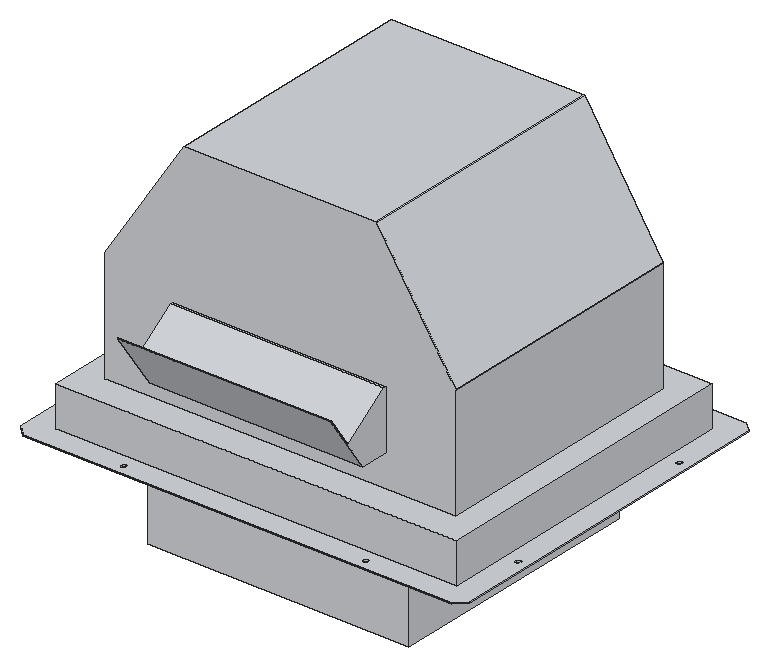
Revit family "PVHEX510-300", category Generic Models, host Face, Revit 2019
Family settings
  Host = Face
  Can host rebar = No
  Round Connector Dimension = Use Diameter
  Part Type = Normal
  Cut with Voids When Loaded = No
  Shared = No
  Room Calculation Point = No
Parameters
  Default Elevation = 48.00"
Reference planes (in)
  plane 1 "Center (Front/Back)": y = 0
  plane 2: z = 0
  plane 3 "Center (Left/Right)": x = 0
Forms (in)
  Extrusion 1, solid
    sketch origin (0, 0, 0) x (1, 0, 0) y (0, 1, 0)
      loop
        line (-9.935, 8.274) -> (-9.935, -7.56) -> (9.935, -7.56) -> (9.935, 8.274) -> (-9.935, 8.274)
    from 0.04 to 2.04
  Extrusion 2, solid
    sketch origin (0, 0, 0) x (1, 0, 0) y (0, 1, 0)
      loop
        line (-9.935, 8.274) -> (-9.935, -7.56) -> (9.935, -7.56) -> (9.935, 8.274) -> (-9.935, 8.274)
      loop
        line (-10.649, 9.524) -> (-11.149, 9.024) -> (-11.149, -8.274) -> (-10.649, -8.774) -> (10.649, -8.774) -> (11.149, -8.274) -> (11.149, 9.024) -> (10.649, 9.524) -> (-10.649, 9.524)
      loop
        circle (6, 9.024) r 0.125
      loop
        circle (10.649, 5.375) r 0.125
      loop
        circle (10.649, -4.625) r 0.125
      loop
        circle (6, -8.274) r 0.125
      loop
        circle (-6, -8.274) r 0.125
      loop
        circle (-10.649, -4.625) r 0.125
      loop
        circle (-10.649, 5.375) r 0.125
      loop
        circle (-6, 9.024) r 0.125
    from 0 to 0.04
  Extrusion 3, solid
    sketch origin (0, 0, 0) x (1, 0, 0) y (0, 0, 1)
      loop
        line (-4.81098, 13.68606) -> (-8.70649, 7.60715) -> (-8.70649, 2.04) -> (8.68751, 2.04) -> (8.68751, 7.58752)
        arc (8.68751, 7.58752) -> (8.68481, 7.60636) -> (8.67693, 7.62367) r 0.067
        line (8.67693, 7.62367) -> (4.792, 13.68606)
        arc (4.792, 13.68606) -> (4.76774, 13.70869) -> (4.73559, 13.71691) r 0.067
        line (4.73559, 13.71691) -> (-4.75456, 13.71691)
        arc (-4.75456, 13.71691) -> (-4.78671, 13.70869) -> (-4.81098, 13.68606) r 0.067
    from -6.80913 to 6.05913
  Extrusion 4, solid
    sketch origin (0, 0, 0) x (1, 0, 0) y (0, 0, 1)
      loop
        line (-6.50949, 0) -> (-6.50949, -4.5) -> (6.49051, -4.5) -> (6.49051, 0) -> (-6.50949, 0)
    from -6.80913 to 6.192
  Extrusion 5, solid
    sketch origin (0, 0.683, 0) x (0, -1, 0) y (0, 0, -1)
      loop
        line (10.23527, -6.54553) -> (8.22775, -3.6785) -> (6.80913, -3.6785) -> (6.80913, -6.6255) -> (6.93413, -6.6255) -> (9.15731, -5.06881) -> (10.20578, -6.56618) -> (10.23527, -6.54553)
    from -5.286 to 5.286
Dimensions and locks (in)
  aligned and locked: plane 2 to host face
  aligned and locked: level to host face
Connectors (in)
  hvac at (-0.00949, 0.30857, -4.5)
    settings: on Extrusion 4, index 1, duct flow 0 CFM, flow factor 0, pres drop 0.00 in-wg, loss coef 0, conn angle 0.00°, conn width 13", conn height 13", conn diameter 24", duct sys type 1, conn prof type 1, flow config 0, flow direction 0, loss method 0, conn ref index -1, conn util no, is conn primary yes, conn desc ""
